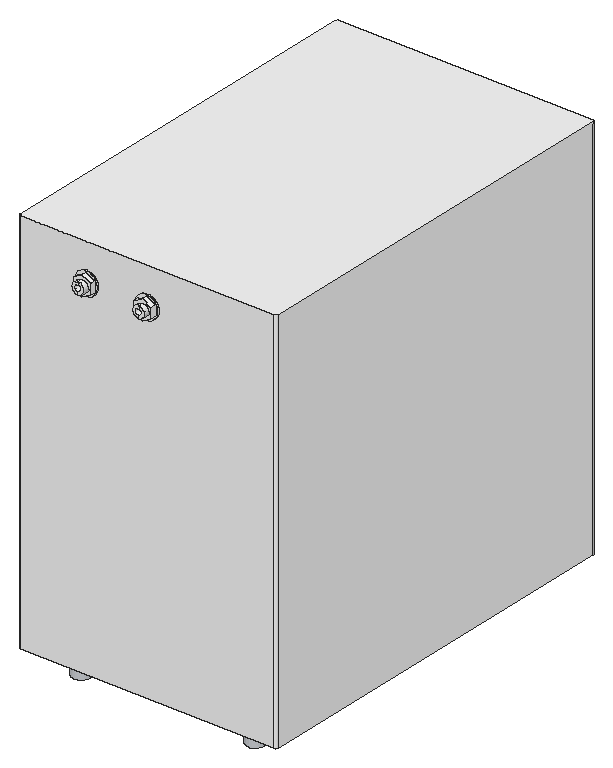
Revit family "NBS_HeatraeSadia_DrnkngFntnPckgs_Superchill_30B", category Plumbing Fixtures, Revit 2014
Parameters (values of type "Superchill30B")
  Width = 255.00 mm
  Weight = "27 kg (full)"
  WaterChillingSystem = "Hermetic ice bank direct cooling system"
  Waste Connection = no
  WarrantyStartDate = "1900-12-31T23:59:59"
  WarrantyGuarantorParts [instance] = "n/a"
  WarrantyGuarantorLabor = "n/a"
  WarrantyDurationUnit = "year"
  WarrantyDurationParts = "2"
  WarrantyDurationLabor = "2"
  WarrantyDescription = "n/a"
  Version = "1"  # constant formula
  Vent Connection = no
  UsageCurrent = 0
  Uniclass2015Version = "Products v1.1"  # constant formula
  Uniclass2015Reference = "Pr_40_20_87_24"
  Uniclass2015Description = "Drinking fountains"
  Uniclass2 = "45-90-46/428"
  ThirdPartyCertification = "WRAS listed"
  TagNumber [instance] = "n/a"
  SustainabilityPerformance = "n/a"
  SupplyPressureRange = "1.0-3.0 bar"
  StorageWaterHeaterMaterial = NBS_Concept
  Size = "405 x 255 x 400 mm"
  Shape = "n/a"
  SerialNumber [instance] = "n/a"
  Revision = "n/a"
  ReplacementCost = "n/a"
  ProductInformation = "www.heatraesadia.com/docs/Drinking_water_brochure.pdf"
  PhaseReference = "n/a"
  PhaseAngle = 0.00°
  OutletTemperatureRange = "3-10°C"
  NumberOfPoles = 0
  NominalWidth = Width  # 255.00 mm
  NominalVoltage = "230.0, 240.0"
  NominalLength = Depth  # 394.00 mm
  NominalHeight = Height  # 404.00 mm
  NominalFrequencyRange = "0"
  NominalCurrent = 0
  Name = "DrinkingFountainPackages_Superchill30B_HeatraeSadia"
  NBSTypeID = "n/a"
  NBSReference = "45-35-70/400"
  NBSOfficeMasterTag = "n/a"
  NBSNote = "n/a"
  NBSDescription = "Drinking fountain packages"
  NBSCertification = "http://www.nationalbimlibrary.com/cert/iju3e1cp"
  ModelReference = "Superchill 30B"
  ModelNumber = "95:200:227"
  Material = "Outer casing: Stainless steel effect plastic-coated, corrosion proofed steel"
  ManufacturerURL = "www.heatraesadia.com"
  ManufacturerName = "Heatrae Sadia"  # constant formula
  Manufacturer = "specifier@heatraesadia.com"
  IntegralAccessories = "Cup holder (95:970:127), Drip tray no waste (95:970:128), Drip tray with waste (95:970:123), Water filter system (95:970:129)"
  InsulationStandardClass = "n/a"
  InstallationDate [instance] = "1900-12-31T23:59:59"
  In-lineFilterSystem = "n/a"
  IfcExportType = "FREESTANDINGWATERCOOLER"  # constant formula
  IfcExportAs = "IfcElectricApplianceType"  # constant formula
  IPCode = "IPX2"
  Height = 404.00 mm
  HasProtectiveEarth = no
  HW Connection = no
  Grade = "n/a"
  FormWaterSupply = "Chilled, filtered supply to jet"
  FormWastes = "Integral 1¼\" BSP waste outlet connection"
  FormUnit = "Undercounter on a level horizontal surface"
  FlowRate = "30 L/hr"
  Finish = "Brushed"
  Features = "Separate cooling and dispensing units making it ideal for use in concealed applications, supplied with a filler tap, ice bank cooling system"
  ExpectedLife = "n/a"
  ElectricalDeviceNominalPower = 180
  DurationUnit = "year"
  Description = "Chilled drinking water fountain"
  Depth = 394.00 mm
  Controls = "Push button operated filler tap"
  Constituents = "n/a"
  Connections = "8 mm female push fit inlet connection with supplied 8 mm male adapter, 6 mm female push fit outlet tube"
  CompressorPower = "1/12 hp"
  Color = "Natural"
  CodePerformance = "n/a"
  Category = "n/a"
  CW Connection = yes
  BarCode [instance] = "n/a"
  BIMObjectName = "NBS_HeatraeSadia_DrinkingFountainPackages_Superchill30B"
  Author = "NBS"  # constant formula
  AssetType = "Fixed"
  AssetIdentifier [instance] = "n/a"
  AccessibilityPerformance = "n/a"
Reference planes
  plane 1 "Center (Front/Back)": y = 0
  plane 2: z = 0
  plane 3 "Center (Left/Right)": x = 0
  plane 4: x = -127.5
  plane 5: x = 127.5
  plane 6: y = -394
  plane 7: z = 404
  plane 8: z = 20
  plane 9: x = 86.19
  plane 10: x = -86.19
  plane 11: y = -23.5
  plane 12: y = -368
  plane 13: x = -60.004
Forms (mm)
  Extrusion 1, solid, material "NBS_Concept" <- "StorageWaterHeaterMaterial", detail levels medium+fine
    sketch origin (0, 0, 0) x (1, 0, 0) y (0, 1, 0)
      loop
        arc (-125, 0) -> (-126.768, -0.732) -> (-127.5, -2.5) r 2.5
        line (-127.5, -2.5) -> (-127.5, -391.5)
        arc (-127.5, -391.5) -> (-126.768, -393.268) -> (-125, -394) r 2.5
        line (-125, -394) -> (125, -394)
        arc (125, -394) -> (126.768, -393.268) -> (127.5, -391.5) r 2.5
        line (127.5, -391.5) -> (127.5, -2.5)
        arc (127.5, -2.5) -> (126.768, -0.732) -> (125, 0) r 2.5
        line (125, 0) -> (-125, 0)
    from 20 to 404
  Extrusion 2, solid, material "NBS_Concept" <- "StorageWaterHeaterMaterial", not visible, detail levels fine
    sketch origin (0, 0, 0) x (1, 0, 0) y (0, 0, 1)
      loop
        circle (-107.684, 45) r 4
      loop
        circle (-107.684, 145) r 4
    from 0 to 5
  Extrusion 3, solid, material "NBS_Concept" <- "StorageWaterHeaterMaterial", detail levels coarse
    sketch origin (0, 0, 0) x (1, 0, 0) y (0, 1, 0)
      loop
        line (-127.5, 0) -> (-127.5, -394) -> (127.5, -394) -> (127.5, 0) -> (-127.5, 0)
    from 0 to 404
  Extrusion 4, solid, not visible
    sketch origin (0, 0, 0) x (1, 0, 0) y (0, 0, 1)
      loop
        circle (101.75, 91.75) r 7.5
    from 0 to 5
  Blend 5, solid
    base sketch origin (0, 0, 0) x (1, 0, 0) y (0, 1, 0)
      loop
        circle (-86.19, -368) r 9.875
    top sketch origin (0, 0, 0) x (1, 0, 0) y (0, 1, 0)
      loop
        circle (-86.19, -368) r 9
    from 20 to 0
  Blend 6, solid
    base sketch origin (0, 344.5, 0) x (1, 0, 0) y (0, 1, 0)
      loop
        circle (-86.19, -368) r 9.875
    top sketch origin (0, 344.5, 0) x (1, 0, 0) y (0, 1, 0)
      loop
        circle (-86.19, -368) r 9
    from 20 to 0
  Blend 7, solid
    base sketch origin (172.379, 344.5, 0) x (1, 0, 0) y (0, 1, 0)
      loop
        circle (-86.19, -368) r 9.875
    top sketch origin (172.379, 344.5, 0) x (1, 0, 0) y (0, 1, 0)
      loop
        circle (-86.19, -368) r 9
    from 20 to 0
  Blend 8, solid
    base sketch origin (172.379, 0, 0) x (1, 0, 0) y (0, 1, 0)
      loop
        circle (-86.19, -368) r 9.875
    top sketch origin (172.379, 0, 0) x (1, 0, 0) y (0, 1, 0)
      loop
        circle (-86.19, -368) r 9
    from 20 to 0
  Extrusion 9, solid, material "NBS_Concept" <- "StorageWaterHeaterMaterial", detail levels fine
    sketch origin (0, 0, 0) x (1, 0, 0) y (0, 0, 1)
      loop
        line (-68.504, 362.389) -> (-60.004, 357.481) -> (-51.504, 362.389) -> (-51.504, 372.204) -> (-60.004, 377.111) -> (-68.504, 372.204) -> (-68.504, 362.389)
      loop
        line (8.496, 372.211) -> (-0.004, 377.119) -> (-8.504, 372.211) -> (-8.504, 362.396) -> (-0.004, 357.489) -> (8.496, 362.396) -> (8.496, 372.211)
      loop
        circle (-0.004, 367.304) r 5.83
      loop
        circle (-60.004, 367.296) r 5.834
    from 395 to 400.13
  Revolve 10, solid, material "NBS_Concept" <- "StorageWaterHeaterMaterial", detail levels fine
    sketch origin (-60.004, -1524, 357.481) x (0, 0, -1) y (0, -1, 0)
      loop
        line (-12.819, -1130) -> (-12.819, -1119.149) -> (-15.652, -1119.149) -> (-15.652, -1129) -> (-21.13, -1129) -> (-21.13, -1130) -> (-12.819, -1130)
      axis (-9.819, -1130) -> (-9.819, -1119.149)
    angle from 0 to 360
  Revolve 11, solid, material "NBS_Concept" <- "StorageWaterHeaterMaterial", detail levels fine
    sketch origin (0, -1524, 357.481) x (0, 0, -1) y (0, -1, 0)
      loop
        line (-12.819, -1130) -> (-12.819, -1119.149) -> (-15.652, -1119.149) -> (-15.652, -1129) -> (-21.13, -1129) -> (-21.13, -1130) -> (-12.819, -1130)
      axis (-9.819, -1130) -> (-9.819, -1119.149)
    angle from 0 to 360
Dimensions and locks
  equal spacing: plane 4, plane 3 "Center (Left/Right)", plane 5
  "Width": plane 4 to plane 5
  "Depth": plane 6 to plane 1 "Center (Front/Back)"
  "Height": plane 7 to level
  locked: plane 8 to level at 20
  locked: plane 8 to Extrusion 2 sketch curve at 25
  locked: Extrusion 2 sketch curve to Extrusion 2 sketch curve at 100
  locked: Extrusion 4 sketch curve to level at 91.75
  locked: Extrusion 4 sketch curve to plane 3 "Center (Left/Right)" at 101.75
  locked: Extrusion 4 to plane 1 "Center (Front/Back)" at 5
  Extrusion 2 to plane 1 "Center (Front/Back)" = 5.00 mm
  aligned and locked: level to plane 2
  aligned and locked: plane 1 "Center (Front/Back)" to Extrusion 1 sketch curve
  aligned and locked: plane 4 to Extrusion 1 sketch curve
  aligned and locked: plane 6 to Extrusion 1 sketch curve
  aligned and locked: Extrusion 1 sketch curve to plane 5
  aligned and locked: plane 7 to Extrusion 1
  aligned and locked: plane 8 to Extrusion 1
  aligned and locked: Extrusion 1 to plane 1 "Center (Front/Back)"
  aligned and locked: Extrusion 3 to level
  aligned and locked: plane 7 to Extrusion 3
  aligned and locked: Extrusion 4 to plane 1 "Center (Front/Back)"
  aligned and locked: Extrusion 2 to plane 1 "Center (Front/Back)"
  aligned and locked: plane 12 to Blend 5 sketch curve  (x2)
  aligned and locked: plane 10 to Blend 5 sketch curve  (x2)
  aligned and locked: Blend 5 to level
  aligned and locked: Blend 5 to plane 8
  aligned and locked: plane 11 to Blend 6 sketch curve  (x2)
  aligned and locked: plane 10 to Blend 6 sketch curve  (x2)
  aligned and locked: plane 11 to Blend 7 sketch curve  (x2)
  aligned and locked: plane 9 to Blend 7 sketch curve  (x2)
  aligned and locked: plane 9 to Blend 8 sketch curve  (x2)
  aligned and locked: plane 12 to Blend 8 sketch curve  (x2)
Automatic sketch dimensions
  plane 4 to Extrusion 2 sketch curve = 19.816 mm  (x2)
  Extrusion 3 sketch curve to plane 4 = 0.00 mm
  Extrusion 3 sketch curve to plane 5 = 0.00 mm
  Extrusion 3 sketch curve to plane 6 = 0.00 mm
  plane 1 "Center (Front/Back)" to Extrusion 3 sketch curve = 0.00 mm
  plane 13 to Extrusion 9 sketch curve = 0.00 mm  (x3)
  plane 13 to Extrusion 9 sketch curve = 8.50 mm
  Extrusion 9 sketch curve to plane 13 = 8.50 mm
  Extrusion 9 sketch curve to plane 3 "Center (Left/Right)" = 8.504 mm
  Extrusion 9 sketch curve to plane 3 "Center (Left/Right)" = 0.004 mm  (x3)
  plane 3 "Center (Left/Right)" to Extrusion 9 sketch curve = 8.496 mm
  Extrusion 9 sketch curve to plane 7 = 46.519 mm
  Extrusion 9 sketch curve to plane 7 = 46.511 mm
  Extrusion 9 sketch curve to Extrusion 9 sketch curve = 4.907 mm  (x10)
  Extrusion 9 sketch curve to Extrusion 9 sketch curve = 9.815 mm  (x2)
  Revolve 10 sketch curve to plane 6 = 0.00 mm  (x2)
  Revolve 10 sketch curve to plane 6 = 1.00 mm
  Revolve 10 sketch curve to plane 7 = 25.389 mm
  Revolve 10 sketch curve to Revolve 10 sketch curve = 5.477 mm
  Revolve 10 sketch curve to Revolve 10 sketch curve = 9.851 mm
  Revolve 10 sketch curve to Revolve 10 sketch curve = 2.834 mm
  Revolve 10 sketch curve to Revolve 10 sketch curve = 3.00 mm
  Revolve 10 sketch curve to Revolve 10 sketch curve = 6.71 mm
  Revolve 11 sketch curve to plane 6 = 0.00 mm  (x2)
  Revolve 11 sketch curve to plane 6 = 1.00 mm
  Revolve 11 sketch curve to plane 7 = 25.389 mm
  Revolve 11 sketch curve to Revolve 11 sketch curve = 5.477 mm
  Revolve 11 sketch curve to Revolve 11 sketch curve = 9.851 mm
  Revolve 11 sketch curve to Revolve 11 sketch curve = 2.834 mm
  Revolve 11 sketch curve to Revolve 11 sketch curve = 3.00 mm
  Revolve 11 sketch curve to Revolve 11 sketch curve = 6.71 mm
  Extrusion 1 sketch curve to plane 4 = 0.00 mm
  plane 4 to Extrusion 1 sketch curve = 2.50 mm
  plane 1 "Center (Front/Back)" to Extrusion 1 sketch curve = 2.50 mm  (x2)
  Extrusion 1 sketch curve to plane 5 = 2.50 mm
  radius of Extrusion 2 sketch curve = 4.00 mm  (x2)
  radius of Extrusion 4 sketch curve = 7.50 mm
  radius of Blend 5 sketch curve = 9.875 mm
  radius of Blend 5 sketch curve = 9.00 mm
  radius of Blend 6 sketch curve = 9.875 mm
  radius of Blend 6 sketch curve = 9.00 mm
  radius of Blend 7 sketch curve = 9.875 mm
  radius of Blend 7 sketch curve = 9.00 mm
  radius of Blend 8 sketch curve = 9.875 mm
  radius of Blend 8 sketch curve = 9.00 mm
  radius of Extrusion 9 sketch curve = 5.83 mm
  radius of Extrusion 9 sketch curve = 5.834 mm
Connectors
  piping at (-107.684, 0, 145), diameter 8, driven by "CW Connection"
    settings: on Extrusion 2, index 1, connector inside diameter 609.6 mm, connector length 0.00 mm, flow factor 0, pipe flow 0.0 L/s, pressure drop 0.0 Pa, fitting loss kfactor 0, connector angle 0.00°, fixture units 0, engagement length 0.00 mm, angle of deflection 0.00°, flow configuration 0, flow direction 1, fitting loss method 0, system type 20, joint type 0, gender type 0, connector reference index -1, connector utility 1, adjustable connector no, is connector primary yes, connector description "Ice Bank Filler Inlet"
  piping at (-107.684, 0, 45), diameter 8, driven by "CW Connection"
    settings: on Extrusion 2, index 2, connector inside diameter 609.6 mm, connector length 0.00 mm, flow factor 0, pipe flow 0.0 L/s, pressure drop 0.0 Pa, fitting loss kfactor 0, connector angle 0.00°, fixture units 0, engagement length 0.00 mm, angle of deflection 0.00°, flow configuration 0, flow direction 1, fitting loss method 0, system type 20, joint type 0, gender type 0, connector reference index -1, connector utility 1, adjustable connector no, is connector primary no, connector description "Cold Water Inlet"
  electrical at (101.75, 0, 91.75)
    settings: on Extrusion 4, index 5, voltage 0 V, apparent load 0 VA, apparent load phase1 0 VA, apparent load phase2 0 VA, apparent load phase3 0 VA, power factor 1, load classification "Other", number of poles 1, system type 31, power factor state 1, is connector primary yes, connector utility no, sub classification motor no, connector description ""
  piping at (-60.004, -394, 367.3), diameter 6, driven by "CW Connection"
    settings: on Revolve 10, index 6, connector inside diameter 609.6 mm, connector length 0.00 mm, flow factor 0, pipe flow 0.0 L/s, pressure drop 0.0 Pa, fitting loss kfactor 0, connector angle 0.00°, fixture units 0, engagement length 0.00 mm, angle of deflection 0.00°, flow configuration 0, flow direction 2, fitting loss method 0, system type 20, joint type 0, gender type 0, connector reference index -1, connector utility 1, adjustable connector no, is connector primary no, connector description "Cold Water Outlet"
  piping at (0, -394, 367.3), diameter 6, driven by "CW Connection"
    settings: on Revolve 11, index 7, connector inside diameter 609.6 mm, connector length 0.00 mm, flow factor 0, pipe flow 0.0 L/s, pressure drop 0.0 Pa, fitting loss kfactor 0, connector angle 0.00°, fixture units 0, engagement length 0.00 mm, angle of deflection 0.00°, flow configuration 0, flow direction 2, fitting loss method 0, system type 20, joint type 0, gender type 0, connector reference index -1, connector utility 1, adjustable connector no, is connector primary no, connector description "Ambient Water Outlet"
